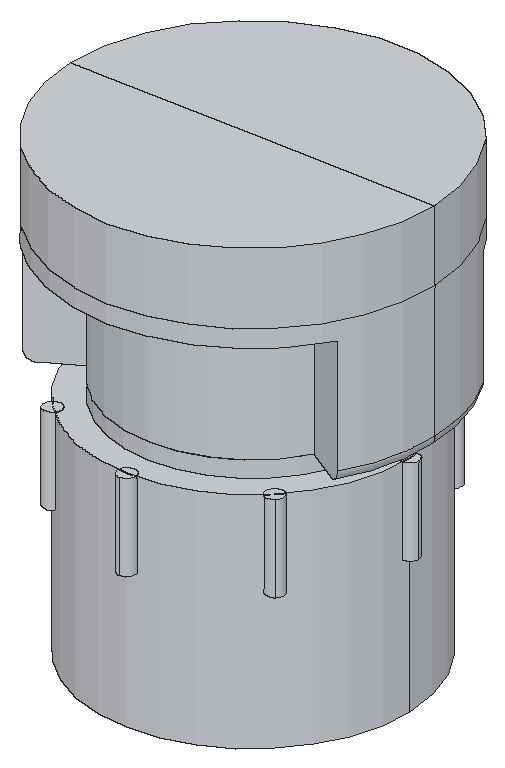
Revit family
Parameters
  URL = "www.SiouxChief.com"
  Type Comments = ""
  Model = "250-11P"
  Manufacturer = "Sioux Chief Manufacturing"
  Description = "1 1/2\" TurboVent Body w/Adapter"
Reference planes (in)
  plane 1 "Center (Front/Back)": y = 0
  plane 2: z = 0
  plane 3 "Center (Left/Right)": x = 0
  plane 4: z = 0.7565
  plane 5: z = 1.6784
Forms (in)
  Revolve 1, solid
    sketch origin (0, 0, 0) x (1, 0, 0) y (0, 0, 1)
      loop
        line (0, 0) -> (0.93075, 0) -> (0.93075, 0.7565) -> (1.21535, 0.7565)
        arc (1.21535, 0.7565) -> (1.27521, 0.78129) -> (1.3, 0.84115) r 0.08465
        line (1.3, 0.84115) -> (1.3, 1.8034) -> (0, 1.8034) -> (0, 0)
      axis (0, 1.8034) -> (0, 0)
    angle from 0 to 360
  Extrusion 2, void
    sketch origin (0.93075, -180, 0.7565) x (0, -1, 0) y (-1, 0, 0)
      loop
        line (-179.53502, 0.12538) -> (-179.35, -0.19508)
        arc (-179.35, -0.19508) -> (-178.7, 0.93075) -> (-179.35, 2.05658) r 1.3
        line (-179.35, 2.05658) -> (-179.53502, 1.73612)
        arc (-179.53502, 1.73612) -> (-179.07004, 0.93075) -> (-179.53502, 0.12538) r 0.92996
    from 0 to -0.9219
  Extrusion 3, void
    sketch origin (0.93075, 180, 0.7565) x (0, -1, 0) y (-1, 0, 0)
      loop
        arc (179.53502, 0.12538) -> (179.07004, 0.93075) -> (179.53502, 1.73612) r 0.92996
        line (179.53502, 1.73612) -> (179.35, 2.05658)
        arc (179.35, 2.05658) -> (178.7, 0.93075) -> (179.35, -0.19508) r 1.3
        line (179.35, -0.19508) -> (179.53502, 0.12538)
    from 0 to -0.9219
  Extrusion 4, void
    sketch origin (0.93075, -180, 0.7565) x (0, -1, 0) y (-1, 0, 0)
      loop
        line (-180.0755, 1.00322) -> (-180.0755, 0.84882) -> (-179.9245, 0.84882) -> (-179.9245, 1.00322) -> (-180.0755, 1.00322)
    from 0 to 0.7565
  Revolve 5, solid
    sketch origin (0, 0, 0) x (1, 0, 0) y (0, 0, 1)
      loop
        line (0, 0.64176) -> (0, -0.98324) -> (1.125, -0.98324) -> (1.125, 0.64176) -> (0, 0.64176)
      axis (0, -0.98324) -> (0, 0.64176)
    angle from 0 to 360
  Extrusion 6, solid
    sketch origin (0.93075, -180, 0.7565) x (0, -1, 0) y (-1, 0, 0)
      loop
        circle (-180, 2.05575) r 0.0625
      loop
        circle (-180.7955, 0.13525) r 0.0625
      loop
        circle (-181.125, 0.93075) r 0.0625
      loop
        circle (-180.7955, 1.72625) r 0.0625
      loop
        circle (-180, -0.19425) r 0.0625
      loop
        circle (-179.2045, 0.13525) r 0.0625
      loop
        circle (-178.875, 0.93075) r 0.0625
      loop
        circle (-179.2045, 1.72625) r 0.0625
    from 0.11474 to 0.73974
  Extrusion 7, void
    sketch origin (0, 0, -0.98324) x (1, 0, 0) y (0, -1, 0)
      loop
        circle (0, 0) r 0.7808
    from 0 to -1.625
  Revolve 8, solid
    sketch origin (0, 0, 0) x (1, 0, 0) y (0, 0, 1)
      loop
        line (-1.3, 1.8034) -> (0, 1.8034) -> (0, 2.3182) -> (-1.3, 2.3182) -> (-1.3, 1.8034)
      axis (0, 2.3182) -> (0, 1.8034)
    angle from 0 to 360
Cuts and joins
  Extrusion 2, Extrusion 3, Extrusion 4 cuts Revolve 1
  Extrusion 7 cuts Revolve 5
Lines and regions (in)
  model lines
    curve 1: line (0.88555, 0, 2.3182) -> (1.24582, 0, 2.3182)
    curve 2: arc (1.24582, 0, 2.3182) -> (0.98666, -0.36322, 2.3182) -> (0.62618, -0.62618, 2.3182) r 1.39666
    curve 3: line (0.62618, -0.62618, 2.3182) -> (0.88093, -0.88093, 2.3182)
    curve 4: arc (0.88093, -0.88093, 2.3182) -> (0.44084, -0.95451, 2.3182) -> (0, -0.88555, 2.3182) r 1.39666
    curve 5: line (0, -0.88555, 2.3182) -> (0, -1.24582, 2.3182)
    curve 6: arc (0, -1.24582, 2.3182) -> (-0.36322, -0.98666, 2.3182) -> (-0.62618, -0.62618, 2.3182) r 1.39666
    curve 7: line (-0.62618, -0.62618, 2.3182) -> (-0.88093, -0.88093, 2.3182)
    curve 8: arc (-0.88093, -0.88093, 2.3182) -> (-0.95451, -0.44084, 2.3182) -> (-0.88555, 0, 2.3182) r 1.39666
    curve 9: line (-0.88555, 0, 2.3182) -> (-1.24582, 0, 2.3182)
    curve 10: arc (-1.24582, 0, 2.3182) -> (-0.98044, 0.36947, 2.3182) -> (-0.6104, 0.63407, 2.3182) r 1.39666
    curve 11: line (-0.62618, 0.62618, 2.3182) -> (-0.88093, 0.88093, 2.3182)
    curve 12: arc (-0.88093, 0.88093, 2.3182) -> (-0.43202, 0.95453, 2.3182) -> (0.01674, 0.87997, 2.3182) r 1.39666
    curve 13: line (0, 0.88555, 2.3182) -> (0, 1.24582, 2.3182)
    curve 14: arc (0, 1.24582, 2.3182) -> (0.36322, 0.98666, 2.3182) -> (0.62618, 0.62618, 2.3182) r 1.39666
    curve 15: line (0.62618, 0.62618, 2.3182) -> (0.88093, 0.88093, 2.3182)
    curve 16: arc (0.88093, 0.88093, 2.3182) -> (0.95451, 0.44084, 2.3182) -> (0.88555, 0, 2.3182) r 1.39666
Dimensions and locks (in)
  aligned and locked: plane 2 to level
  aligned and locked: Extrusion 2 to plane 5
  aligned and locked: Extrusion 2 to cut or joined group of Revolve 1, Extrusion 2, Extrusion 3, Extrusion 4
  aligned and locked: Revolve 1 to Extrusion 4
  aligned and locked: Extrusion 4 to level
  aligned and locked: Extrusion 6 to Revolve 5
  aligned and locked: Revolve 5 to Extrusion 7  (x2)
Connectors (in)
  piping at (0, 0, -0.98324)
    settings: on cut or joined group of Revolve 5, Extrusion 7, index 1, connector radius 3/4", flow factor 0, pipe flow 0 GPM, pressure drop 0.00 psi, fitting loss kfactor 0, connector angle 0.00°, fixture units 0, flow configuration 0, flow direction 0, fitting loss method 0, system type 22, connector reference index -1, connector utility 0, adjustable connector no, is connector primary yes, fitting loss table "", connector description "1 1/2\" PVC"
